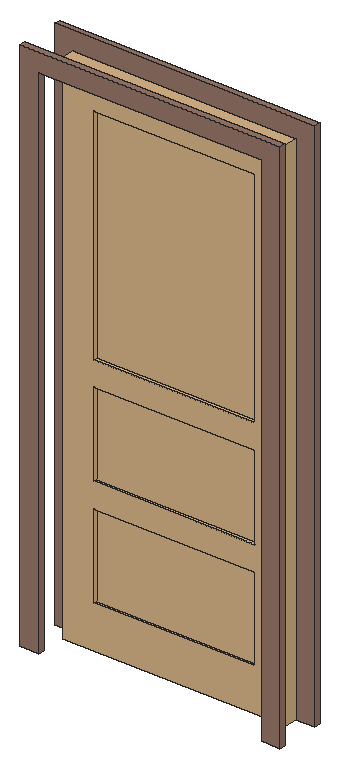
Revit family "M_Pojedyncze - panelowe 1", category Doors, host Wall, Revit 2014
Parameters (values of type "0915 x 2134 mm")
  Visual Light Transmittance = 0
  Thickness = 51.00 mm
  Solar Heat Gain Coefficient = 0
  Construction Type Id = ""
  Heat Transfer Coefficient (U) = 3.7021 W/(m²·K)
  Function = Interior
  Materiał drzwi = Drzwi - panel
  Materiał ramy = Drzwi - rama
  Height = 2134.00 mm
  Szerokość poręczy - podstawa = 175.00 mm
  Szerokość poręczy - środek = 100.00 mm
  Szerokość poręczy - góra = 150.00 mm
  Szerokość ramiaka = 127.00 mm
  Panel górny = 915.00 mm
  Rzut przycięcia - zewnętrzny = 25.00 mm
  Rzut przycięcia - wewnętrzny = 25.00 mm
  Szerokość przycięcia = 76.00 mm
  Wall Closure = By host
  Width = 915.00 mm
  Analytic Construction = Metal
Types (7, lengths in mm): name | Height | Width
  0915 x 2134 mm | 2134.00 | 915.00
  0864 x 2134 mm | 2134.00 | 864.00
  0813 x 2134 mm | 2134.00 | 813.00
  0762 x 2134 mm | 2134.00 | 762.00
  0762 x 2032 mm | 2032.00 | 762.00
  0915 x 2032 mm | 2032.00 | 915.00
  0864 x 2032 mm | 2032.00 | 864.00
Reference planes
  plane 1: y = 0
  plane 2: z = 0
  plane 3: x = 0
  plane 4: x = -457.5
  plane 5: x = 457.5
  plane 6: z = 2134
  plane 7: z = 1984
  plane 8: z = 1069
  plane 9: z = 969
  plane 10: z = 622
  plane 11: z = 522
  plane 12: z = 175
  plane 13: x = -330.5
  plane 14: x = 330.5
  plane 15: y = -76.2
Forms (mm)
  Extrusion 1, solid, material "Drzwi - panel" <- "Materiał drzwi"
    sketch origin (-1524, -76.2, 0) x (1, 0, 0) y (0, 0, 1)
      loop
        line (1066.5, 2134) -> (1066.5, 0) -> (1981.5, 0) -> (1981.5, 2134) -> (1066.5, 2134)
      loop
        line (1193.5, 1069) -> (1854.5, 1069) -> (1854.5, 1984) -> (1193.5, 1984) -> (1193.5, 1069)
      loop
        line (1193.5, 622) -> (1854.5, 622) -> (1854.5, 969) -> (1193.5, 969) -> (1193.5, 622)
      loop
        line (1193.5, 522) -> (1193.5, 175) -> (1854.5, 175) -> (1854.5, 522) -> (1193.5, 522)
    from -101.4 to -152.4
  Extrusion 2, solid, material "Drzwi - panel" <- "Materiał drzwi"
    sketch origin (-1524, 25.2, 0) x (1, 0, 0) y (0, 0, 1)
      loop
        line (1193.5, 1984) -> (1193.5, 1069) -> (1854.5, 1069) -> (1854.5, 1984) -> (1193.5, 1984)
      loop
        line (1193.5, 969) -> (1193.5, 622) -> (1854.5, 622) -> (1854.5, 969) -> (1193.5, 969)
      loop
        line (1854.5, 175) -> (1854.5, 522) -> (1193.5, 522) -> (1193.5, 175) -> (1854.5, 175)
    from -12.7 to -38.3
  Extrusion 3, solid, material "Drzwi - rama" <- "Materiał ramy"
    sketch origin (-1524, 76.2, 0) x (-1, 0, 0) y (0, 0, 1)
      loop
        line (-1981.5, 0) -> (-1981.5, 2134) -> (-1066.5, 2134) -> (-1066.5, 0) -> (-990.5, 0) -> (-990.5, 2210) -> (-2057.5, 2210) -> (-2057.5, 0) -> (-1981.5, 0)
    from 0.4 to 25.4
  Extrusion 4, solid, material "Drzwi - rama" <- "Materiał ramy"
    sketch origin (-1524, -76.2, 0) x (1, 0, 0) y (0, 0, 1)
      loop
        line (1066.5, 0) -> (1066.5, 2134) -> (1981.5, 2134) -> (1981.5, 0) -> (2057.5, 0) -> (2057.5, 2210) -> (990.5, 2210) -> (990.5, 0) -> (1066.5, 0)
    from 0 to 25
Lines and regions (mm)
  Opening 1
    outline origin (-1524, -76.2, 3657.6) x (0, 0, -1) y (1, 0, 0)
      loop
        line (1523.6, 1066.5) -> (3657.6, 1066.5) -> (3657.6, 1981.5) -> (1523.6, 1981.5) -> (1523.6, 1066.5)
  symbolic lines, style "DoorsPanelProjection"
    curve 1: line (457.5, 76.2, 0) -> (406.5, 76.2, 0)
    curve 2: line (457.5, 76.2, 0) -> (457.5, 991.2, 0)
    curve 3: line (457.5, 991.2, 0) -> (406.5, 991.2, 0)
    curve 4: line (406.5, 76.2, 0) -> (406.5, 991.2, 0)
  symbolic lines, style "Ugięcie rzutu"
    curve 5: arc (457.5, 991.2, 0) -> (-189.503, 723.203, 0) -> (-457.5, 76.2, 0) r 915
  model lines, style "DoorsFrameMullionProjection"
    curve 6: line (-533.7, -76.2, 2210) -> (533.5, -76.2, 2210)
    curve 7: line (533.5, -76.2, 2210) -> (533.5, -76.2, 0)
    curve 8: line (533.5, 76.2, 0) -> (533.5, 76.2, 2210)
    curve 9: line (-533.7, 76.2, 2210) -> (533.5, 76.2, 2210)
    curve 10: line (-533.7, 76.2, 2210) -> (-533.7, 76.2, 0)
  symbolic lines, style "Ugięcie elewacji"
    curve 11: line (-457.5, 0, 2134) -> (457.5, 0, 1067)
    curve 12: line (457.5, 0, 1067) -> (-457.5, 0, 0)
Dimensions and locks
  equal spacing: plane 4, plane 3, plane 5
  "Width": plane 4 to plane 5
  locked: host wall to curve 1
  locked: host wall to curve 5 at 0
  control icon elem to plane 5 = 635.30 mm
  "Height": plane 6 to plane 2
  "Szerokość przycięcia": plane 5 to curve 7
  "Szerokość przycięcia": plane 6 to curve 6
  locked: curve 9 to host wall
  "Szerokość ramiaka": plane 4 to plane 13
  "Szerokość ramiaka": plane 14 to plane 5
  "Szerokość poręczy - podstawa": plane 12 to plane 2
  equal spacing: plane 8, plane 10, plane 12
  "Panel górny": plane 7 to plane 8
  "Szerokość poręczy - góra": plane 6 to plane 7
  "Szerokość poręczy - środek": plane 10 to plane 11
  "Szerokość poręczy - środek": plane 8 to plane 9
  locked: host wall to Extrusion 1
  "Thickness": Extrusion 1 to Extrusion 1
  "Rzut przycięcia - zewnętrzny": Extrusion 3 to Extrusion 3
  "Rzut przycięcia - wewnętrzny": plane 15 to Extrusion 4
  locked: host wall to Extrusion 2 at 12.7
  "Thickness": curve 4 to plane 5
  "Szerokość przycięcia": plane 4 to Extrusion 4 sketch curve
  "Szerokość przycięcia": Extrusion 4 to plane 4
  equal spacing: plane 6, curve 12, level
  aligned and locked: curve 7 to level
  aligned and locked: curve 8 to curve 7
  aligned and locked: plane 6 to Extrusion 1 sketch curve
  aligned and locked: Extrusion 1 sketch curve to curve 1
  aligned and locked: plane 5 to Extrusion 1 sketch curve
  aligned and locked: plane 14 to Extrusion 2 sketch curve
  aligned and locked: Extrusion 2 sketch curve to plane 12
  aligned and locked: plane 11 to Extrusion 2 sketch curve
  aligned and locked: Extrusion 2 sketch curve to plane 13
  aligned and locked: host wall to Extrusion 1
  aligned and locked: Extrusion 2 sketch curve to Extrusion 1  (x7)
  aligned and locked: plane 7 to Extrusion 2 sketch curve
  aligned and locked: plane 15 to host wall
  aligned and locked: curve 6 to Extrusion 4 sketch curve
  aligned and locked: Extrusion 4 sketch curve to curve 7
  aligned and locked: Extrusion 4 to Extrusion 3 sketch curve
  aligned and locked: Extrusion 3 sketch curve to Extrusion 4  (x2)
Automatic sketch dimensions
  Opening 1 sketch curve to plane 6 = 0.00 mm
  Opening 1 sketch curve to level = 0.00 mm
  Opening 1 sketch curve to plane 4 = 0.00 mm
  Opening 1 sketch curve to plane 5 = 0.00 mm
  curve 3 to plane 5 = 0.00 mm
  curve 5 to plane 4 = 0.00 mm
  Extrusion 1 sketch curve to plane 4 = 0.00 mm
  Extrusion 1 sketch curve to plane 10 = 0.00 mm
  Extrusion 1 sketch curve to plane 13 = 0.00 mm  (x3)
  Extrusion 1 sketch curve to plane 12 = 0.00 mm
  Extrusion 1 sketch curve to plane 8 = 0.00 mm
  Extrusion 1 sketch curve to plane 14 = 0.00 mm  (x3)
  Extrusion 1 sketch curve to plane 9 = 0.00 mm
  Extrusion 1 sketch curve to plane 11 = 0.00 mm
  Extrusion 1 sketch curve to plane 7 = 0.00 mm
  Extrusion 3 sketch curve to level = 0.00 mm  (x2)
  Extrusion 3 sketch curve to plane 5 = 0.00 mm
  Extrusion 3 sketch curve to plane 4 = 0.00 mm
  Extrusion 3 sketch curve to plane 6 = 0.00 mm
  Extrusion 4 sketch curve to level = 0.00 mm  (x2)
  Extrusion 4 sketch curve to plane 4 = 0.00 mm
  Extrusion 4 sketch curve to plane 5 = 0.00 mm
  Extrusion 4 sketch curve to plane 6 = 0.00 mm
  curve 11 to plane 4 = 0.00 mm
  curve 11 to plane 6 = 0.00 mm
  curve 11 to plane 5 = 0.00 mm
  curve 10 to level = 0.00 mm
  curve 12 to level = 0.00 mm
  curve 8 to level = 0.00 mm
  curve 12 to plane 4 = 0.00 mm
  curve 10 to curve 6 = 0.00 mm  (x2)
  plane 4 to curve 6 = 76.20 mm
